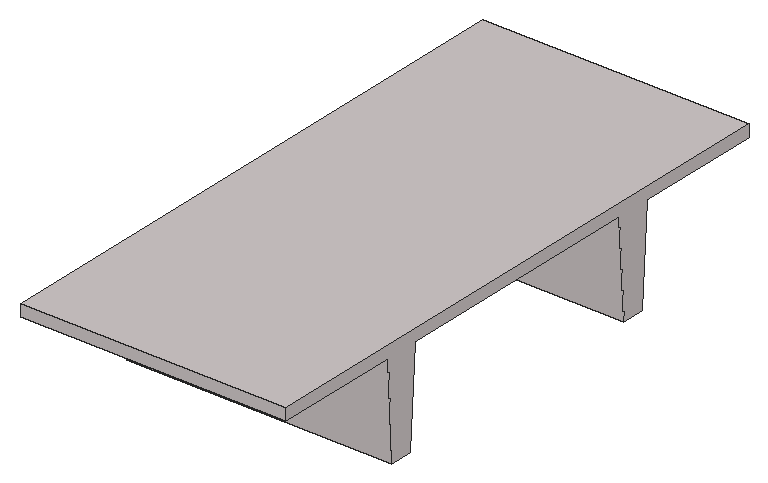
Revit family
Parameters (values of type "8' x 18"")
  Start Extension Calculation [instance] = 10' 0 1/2" + Start Extension  # 10' - 0"
  Start Extension [instance] = -0' - 0 1/2"
  End Extension Calculation [instance] = 10' 0 1/2" + End Extension  # 10' - 0"
  End Extension [instance] = -0' - 0 1/2"
  Beam Material [instance] = Concrete - Precast Concrete - Normal Weight - 5 ksi
  Assembly Code = "B10"
  Depth = 1' - 6"
  Length [instance] = 5' - 0"
  Slab Depth = 0' - 2"
  Stem Width = 0' - 3 3/4"
  Tee Width = 4' - 0"
  Width = 8' - 0"
Types (3): name | Depth
  (no name) | 1' - 6"
  8' x 18" | 1' - 6"
  8' x 20" | 1' - 8"
Reference planes (in)
  plane 1 "Center (Front/Back)": y = 0
  plane 2: z = 0
  plane 3 "Center (Left/Right)": x = 0.1815
  plane 4 "Member Left": x = -21.8185
  plane 5 "Member Right": x = 22.1815
  plane 6: y = 48
  plane 7: y = -48
  plane 8: z = 9
  plane 9 "Bottom": z = -9
  plane 10 "Left": x = -29.8185
  plane 11 "Right": x = 30.1815
  plane 12: x = -21.8185
  plane 13: x = 22.1815
  plane 14: x = 98.1815
  plane 15: x = -97.8185
Forms (in)
  Sweep 1, solid, material "Concrete - Precast Concrete - Normal Weight - 5 ksi" <- "Beam Material"
    path origin (0, 0, 0) x (1, 0, 0) y (0, 1, 0)
      loop
        line (22.1815, 0) -> (-21.8185, 0)
    profile "Double Tee-Profile : Double Tee-Profile" origin (0.1815, 0, 0) x (0, -1, 0) y (0, 0, 1)
      loop
        line (-48, 7) -> (-26.875, 7) -> (-25.875, -9) -> (-22.125, -9) -> (-21.125, 7) -> (21.125, 7) -> (22.125, -9) -> (25.875, -9) -> (26.875, 7) -> (48, 7) -> (48, 9) -> (-48, 9) -> (-48, 7)
Lines and regions (in)
  symbolic lines, style "Hidden Faces", detail levels medium+fine
    curve 1: line (-21.8185, 25.875, -9) -> (22.1815, 25.875, -9)
    curve 2: line (-21.8185, 22.125, -9) -> (22.1815, 22.125, -9)
    curve 3: line (-21.8185, -25.875, -9) -> (22.1815, -25.875, -9)
    curve 4: line (-21.8185, -22.125, -9) -> (22.1815, -22.125, -9)
Dimensions and locks (in)
  "Width": plane 6 to plane 7
  equal spacing: plane 9 "Bottom", plane 2, plane 8
  equal spacing: plane 6, plane 1 "Center (Front/Back)", plane 7
  "Depth": plane 9 "Bottom" to plane 8
  "Length": plane 10 "Left" to plane 11 "Right"
  "Start Extension Calculation": plane 12 to plane 14
  locked: plane 4 "Member Left" to plane 14 at 120
  locked: plane 15 to plane 5 "Member Right" at 120
  "End Extension Calculation": plane 15 to plane 13
  aligned and locked: Sweep 1 sketch curve to plane 1 "Center (Front/Back)"
  aligned and locked: Sweep 1 to curve 3
  aligned and locked: Sweep 1 to curve 2
  aligned and locked: Sweep 1 to curve 1
  aligned and locked: plane 12 to Sweep 1 sketch curve
  aligned and locked: plane 13 to Sweep 1 sketch curve
  aligned and locked: plane 12 to curve 1
  aligned and locked: curve 2 to Sweep 1  (x2)
  aligned and locked: curve 3 to Sweep 1  (x2)
  aligned and locked: Sweep 1 to curve 4  (x2)
  aligned and locked: curve 1 to Sweep 1
  aligned and locked: curve 4 to Sweep 1
